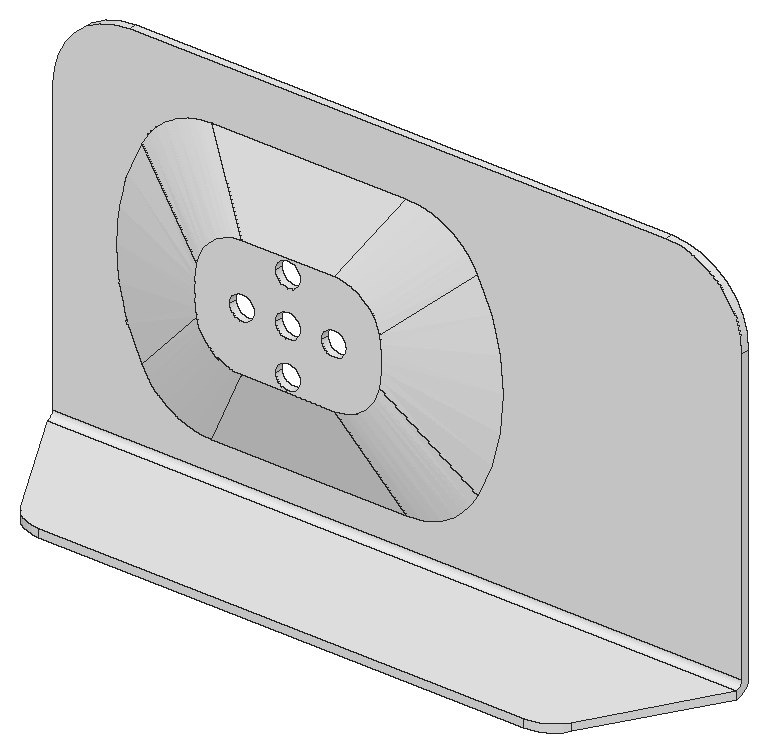
Revit family "PRD_FrankeWS_SpDshs_CHRONOSSoapAndShowerGelTray_CHRX644", category Specialty Equipment, host Face, Revit 2018
Family settings
  Host = Face
  Round Connector Dimension = Use Diameter
  Part Type = Normal
  OmniClass Number = 23.45.05.14.99
  OmniClass Title = Other Sanitary Washing Plumbing Fixtures
  Cut with Voids When Loaded = No
  Shared = No
  Room Calculation Point = No
Parameters (values of type "CHRX644")
  WarrantyStartDate [instance] = "1900-12-31T23:59:59"
  WarrantyGuarantorParts = "n/a"
  WarrantyGuarantorLabor = "n/a"
  WarrantyDurationUnit = "year"
  WarrantyDurationParts = "n/a"
  WarrantyDurationLabor = "n/a"
  WarrantyDescription = "n/a"
  Version = "1"
  Uniclass2015Version = "Products v1.23"
  Uniclass2015Title = "Soap dishes"
  Uniclass2015Code = "Pr_40_20_76_82"
  URL = "www.kwc.com"
  TypeOfMounting = "Wall mounting"
  TypeOfFixing = "Screw"
  TagNumber [instance] = "n/a"
  SustainabilityPerformance = "n/a"
  Style = "n/a"
  Status = "New"
  Size = "180 x 40 x 100 mm (W x H x D)"
  Shape = "n/a"
  SerialNumber [instance] = "n/a"
  Revision = "n/a"
  ReplacementCost = "n/a"
  Reference = "n/a"
  ProductInformation = "https://pim.kwc.com/product/2000100804/attachment/datasheet?locale=en"
  ProductCode = "201.0601.403"
  NominalWidth = 180.00 mm
  NominalLength = 0.00 mm
  NominalHeight = 40.00 mm
  NominalDepth = 100.00 mm
  NetWeight = 0.41 kg
  Name = "CHRONOS Soap and shower gel tray CHRX644"
  NBSTypeID = "n/a"
  NBSReference = "45-35-72/356"
  NBSOfficeMasterTag = "n/a"
  NBSNote = "n/a"
  NBSDescription = "Soap dishes"
  NBSCertification = "n/a"
  ModelReference = "CHRX644"
  ModelNumber = "2000100804"
  Model = ModelReference  # "CHRX644"
  MaterialThickness = "2.00 mm"
  MaterialCode = "1.4301 Chrome Nickel steel V2A"
  Material = "Stainless steel"
  ManufacturerURL = "www.kwc.com"
  ManufacturerName = "KWC Group AG"  # constant formula
  Manufacturer = ManufacturerName  # "KWC Group AG"
  MainMaterial = PRD_AR_Steel_NickelChromium_SatinFinished
  MainColor = "stainless steel"
  IntegralAccessories = "includes stainless steel screws and dowels"
  InstallationDate [instance] = "1900-12-31T23:59:59"
  IfcExportType = "USERDEFINED"
  IfcExportAs = "IfcSanitaryTerminalType"
  GrossWeight = 0.47 kg
  Grade = "n/a"
  Finish = "satin finish"
  Features = "nickel chromium steel, surface satin finish, material thickness 2.0 mm"
  ExpectedLife = "n/a"
  DurationUnit = "year"
  Description = "Soap and shower gel holder for wall mounting, nickel chromium steel, surface satin finish, material thickness 2.0 mm, deep drawn soap tray with drain holes, lateral shelf, rounded edges, includes stainless steel screws and dowels."
  Default Elevation = 1000.00 mm
  CreatedOn = "05/2022"  # constant formula
  Constituents = "n/a"
  Color = "n/a"
  CodePerformance = "n/a"
  Category = "Pr_40_20_76_82, Soap dishes"
  BarCode [instance] = "n/a"
  BIMObjectName = "PRD_AR_SoapDishes_CHRONOSSoapAndShowerGelTray_CHRX644"
  Author = "Archispace"  # constant formula
  AssetType = "Fixed"
  AssetIdentifier [instance] = "n/a"
  AccessibilityPerformance = "n/a"
Reference planes
  plane 1 "Center (Front/Back)": y = 0
  plane 2: z = 0
  plane 3 "Center (Left/Right)": x = 0
Forms (mm)
  Extrusion 1, solid, material "PRD_AR_Steel_NickelChromium_SatinFinished" <- "MainMaterial", detail levels fine
    sketch origin (0, 0, 0) x (1, 0, 0) y (0, 0, 1)
      loop
        line (-90, 3.748) -> (90, 3.748) -> (90, 79.998)
        arc (90, 79.998) -> (84.142, 94.14) -> (70, 99.998) r 20
        line (70, 99.998) -> (-70, 99.998)
        arc (-70, 99.998) -> (-84.142, 94.14) -> (-90, 79.998) r 20
        line (-90, 79.998) -> (-90, 3.748)
    from 0 to 2
  Extrusion 2, void
    sketch origin (0, 0, 0) x (1, 0, 0) y (0, 1, 0)
      loop
        line (-71.958, -35) -> (-90, -3.748) -> (-90, -40) -> (-63.298, -40)
        arc (-63.298, -40) -> (-68.298, -38.66) -> (-71.958, -35) r 10
      loop
        line (63.298, -40) -> (90, -40) -> (90, -3.748) -> (71.958, -35)
        arc (71.958, -35) -> (68.298, -38.66) -> (63.298, -40) r 10
    from 0 to 1.995
  Extrusion 3, solid, material "PRD_AR_Steel_NickelChromium_SatinFinished" <- "MainMaterial", detail levels fine
    sketch origin (0, 0, 0) x (0, 1, 0) y (0, 0, 1)
      loop
        line (0, 3.748) -> (-2, 3.748)
        arc (-2, 3.748) -> (-2.512, 2.512) -> (-3.748, 2) r 1.748
        line (-3.748, 2) -> (-40, 2) -> (-40, 0) -> (-3.748, 0)
        arc (-3.748, 0) -> (-1.098, 1.098) -> (0, 3.748) r 3.748
    from -90 to 90
  SweptBlend 4, solid, material "PRD_AR_Steel_NickelChromium_SatinFinished" <- "MainMaterial", detail levels fine
    path origin (-38.25, -4572, 49.998) x (-1, 0, 0) y (0, -1, 0)
      loop
        line (-15.25, -4563.052) -> (-15.25, -4572)
    profile origin (-23, -8.948, 49.998) x (-1, 0, 0) y (0, 0, 1)
      loop
        arc (23.887, 6.255) -> (19.684, 13.023) -> (12.17, 15.667) r 12
        line (12.17, 15.667) -> (-12.167, 15.667)
        arc (-12.167, 15.667) -> (-19.677, 13.026) -> (-23.882, 6.267) r 12
        arc (-23.882, 6.267) -> (-24.575, 0) -> (-23.907, -6.269) r 29.186
        arc (-23.907, -6.269) -> (-19.71, -13.06) -> (-12.182, -15.715) r 12
        line (-12.182, -15.715) -> (12.184, -15.715)
        arc (12.184, -15.715) -> (19.717, -13.056) -> (23.911, -6.257) r 12
        arc (23.911, -6.257) -> (24.576, 0) -> (23.887, 6.255) r 29.266
    end profile origin (-23, 0, 49.998) x (-1, 0, 0) y (0, 0, 1)
      loop
        arc (49.583, 29.548) -> (40.986, 38.111) -> (29.263, 41.244) r 23.5
        line (29.263, 41.244) -> (-29.25, 41.244)
        arc (-29.25, 41.244) -> (-40.961, 38.118) -> (-49.556, 29.572) r 23.5
        arc (-49.556, 29.572) -> (-58.075, -1.919) -> (-49.616, -33.427) r 62.686
        arc (-49.616, -33.427) -> (-41.018, -42.001) -> (-29.288, -45.138) r 23.5
        line (-29.288, -45.138) -> (29.3, -45.138)
        arc (29.3, -45.138) -> (41.043, -41.994) -> (49.643, -33.403) r 23.5
        arc (49.643, -33.403) -> (58.076, -1.919) -> (49.583, 29.548) r 62.766
  SweptBlend 5, void
    path origin (-38.25, -4572, 49.998) x (-1, 0, 0) y (0, -1, 0)
      loop
        line (-15.25, -4565) -> (-15.25, -4572)
    profile origin (-23, -7, 49.998) x (-1, 0, 0) y (0, 0, 1)
      loop
        arc (21.934, 5.827) -> (18.432, 11.467) -> (12.17, 13.671) r 10
        line (12.17, 13.671) -> (-12.167, 13.671)
        arc (-12.167, 13.671) -> (-18.426, 11.47) -> (-21.93, 5.837) r 10
        arc (-21.93, 5.837) -> (-22.575, 0) -> (-21.952, -5.84) r 27.186
        arc (-21.952, -5.84) -> (-18.455, -11.498) -> (-12.182, -13.711) r 10
        line (-12.182, -13.711) -> (12.184, -13.711)
        arc (12.184, -13.711) -> (18.461, -11.495) -> (21.957, -5.83) r 10
        arc (21.957, -5.83) -> (22.576, 0) -> (21.934, 5.827) r 27.266
    end profile origin (-23, 0, 49.998) x (-1, 0, 0) y (0, 0, 1)
      loop
        arc (47.421, 28.292) -> (39.739, 35.944) -> (29.263, 38.744) r 21
        line (29.263, 38.744) -> (-29.25, 38.744)
        arc (-29.25, 38.744) -> (-39.715, 35.951) -> (-47.396, 28.314) r 21
        arc (-47.396, 28.314) -> (-55.575, -1.922) -> (-47.454, -32.173) r 60.186
        arc (-47.454, -32.173) -> (-39.77, -39.834) -> (-29.288, -42.638) r 21
        line (-29.288, -42.638) -> (29.3, -42.638)
        arc (29.3, -42.638) -> (39.794, -39.828) -> (47.479, -32.151) r 21
        arc (47.479, -32.151) -> (55.576, -1.922) -> (47.421, 28.292) r 60.266
  Extrusion 6, void
    sketch origin (0, 0, 0) x (1, 0, 0) y (0, 0, 1)
      loop
        circle (-23, 49.998) r 3.25
      loop
        circle (-11, 49.998) r 3.25
      loop
        circle (-35, 49.998) r 3.25
      loop
        circle (-23, 37.998) r 3.25
      loop
        circle (-23, 61.998) r 3.25
    from 4.981 to 11.004
  Extrusion 7, solid, material "PRD_AR_Steel_NickelChromium_SatinFinished", detail levels medium
    sketch origin (0, 0, 0) x (0, 1, 0) y (0, 0, 1)
      loop
        line (0, 99.998) -> (-2, 99.998) -> (-2, 2) -> (-40, 2) -> (-40, 0) -> (0, 0) -> (0, 99.998)
    from -90 to 90
  Extrusion 8, solid, material "PRD_AR_Steel_NickelChromium_SatinFinished" <- "MainMaterial", detail levels coarse
    sketch origin (-38.25, -4572, 49.998) x (-1, 0, 0) y (0, -1, 0)
      loop
        line (-128.25, -4532) -> (-128.25, -4572) -> (51.75, -4572) -> (51.75, -4532) -> (-128.25, -4532)
    from -49.998 to 50
Cuts and joins
  SweptBlend 5 cuts Extrusion 1
  Extrusion 2 cuts Extrusion 3
  SweptBlend 5, Extrusion 6 cuts SweptBlend 4
  joined: Extrusion 1, Extrusion 3, SweptBlend 4
Dimensions and locks
  aligned and locked: plane 2 to host face
  aligned and locked: level to host face
Automatic sketch dimensions
  host sketch curve to host sketch curve = 318.943 mm
  host sketch curve to host sketch curve = 152.752 mm
  level to Extrusion 1 sketch curve = 3.748 mm
  Extrusion 1 sketch curve to plane 3 "Center (Left/Right)" = 90.00 mm
  Extrusion 1 sketch curve to Extrusion 1 sketch curve = 20.00 mm  (x2)
  plane 3 "Center (Left/Right)" to Extrusion 1 sketch curve = 70.00 mm
  plane 1 "Center (Front/Back)" to Extrusion 2 sketch curve = 3.748 mm  (x2)
  Extrusion 2 sketch curve to plane 3 "Center (Left/Right)" = 90.00 mm
  plane 1 "Center (Front/Back)" to Extrusion 2 sketch curve = 35.00 mm  (x2)
  Extrusion 2 sketch curve to Extrusion 2 sketch curve = 18.042 mm  (x2)
  Extrusion 2 sketch curve to Extrusion 2 sketch curve = 8.66 mm  (x2)
  plane 3 "Center (Left/Right)" to Extrusion 2 sketch curve = 63.298 mm
  Extrusion 2 sketch curve to Extrusion 2 sketch curve = 5.00 mm
  Extrusion 3 sketch curve to Extrusion 3 sketch curve = 0.00 mm  (x2)
  Extrusion 3 sketch curve to level = 0.00 mm
  Extrusion 3 sketch curve to plane 1 "Center (Front/Back)" = 0.00 mm
  Extrusion 3 sketch curve to Extrusion 3 sketch curve = 2.00 mm
  Extrusion 3 sketch curve to Extrusion 3 sketch curve = 1.748 mm
  Extrusion 3 sketch curve to Extrusion 3 sketch curve = 36.252 mm
  plane 1 "Center (Front/Back)" to SweptBlend 4 sketch curve = 0.00 mm
  SweptBlend 4 sketch curve to plane 3 "Center (Left/Right)" = 23.00 mm
  SweptBlend 4 sketch curve to SweptBlend 4 sketch curve = 8.948 mm
  profile plane to SweptBlend 4 sketch curve = 12.182 mm
  SweptBlend 4 sketch curve to SweptBlend 4 sketch curve = 0.014 mm
  profile plane to SweptBlend 4 sketch curve = 4.69 mm  (x2)
  SweptBlend 4 sketch curve to profile plane = 4.61 mm  (x2)
  SweptBlend 4 sketch curve to profile plane = 12.17 mm
  SweptBlend 4 sketch curve to profile plane = 12.184 mm
  SweptBlend 4 sketch curve to SweptBlend 4 sketch curve = 12.00 mm  (x2)
  SweptBlend 4 sketch curve to SweptBlend 4 sketch curve = 0.00 mm  (x4)
  profile plane to SweptBlend 4 sketch curve = 29.288 mm
  profile plane to SweptBlend 4 sketch curve = 29.25 mm
  SweptBlend 4 sketch curve to profile plane = 29.263 mm
  SweptBlend 4 sketch curve to profile plane = 29.30 mm
  SweptBlend 4 sketch curve to SweptBlend 4 sketch curve = 23.50 mm
  profile plane to SweptBlend 5 sketch curve = 29.288 mm
  profile plane to SweptBlend 5 sketch curve = 29.25 mm
  profile plane to SweptBlend 5 sketch curve = 4.69 mm  (x2)
  SweptBlend 5 sketch curve to profile plane = 4.61 mm  (x2)
  SweptBlend 5 sketch curve to profile plane = 29.263 mm
  SweptBlend 5 sketch curve to profile plane = 29.30 mm
  SweptBlend 5 sketch curve to SweptBlend 5 sketch curve = 21.00 mm  (x3)
  SweptBlend 5 sketch curve to SweptBlend 5 sketch curve = 0.00 mm  (x4)
  plane 1 "Center (Front/Back)" to SweptBlend 5 sketch curve = 0.00 mm
  SweptBlend 5 sketch curve to plane 3 "Center (Left/Right)" = 23.00 mm
  SweptBlend 5 sketch curve to SweptBlend 5 sketch curve = 7.00 mm
  Extrusion 6 sketch curve to plane 3 "Center (Left/Right)" = 35.00 mm
  Extrusion 6 sketch curve to Extrusion 6 sketch curve = 12.00 mm  (x6)
  Extrusion 6 sketch curve to Extrusion 6 sketch curve = 0.00 mm
  Extrusion 6 sketch curve to plane 3 "Center (Left/Right)" = 11.00 mm
  profile plane to SweptBlend 5 sketch curve = 12.182 mm
  profile plane to SweptBlend 5 sketch curve = 12.167 mm
  SweptBlend 5 sketch curve to SweptBlend 5 sketch curve = 7.559 mm
  SweptBlend 5 sketch curve to profile plane = 12.184 mm
  SweptBlend 5 sketch curve to SweptBlend 5 sketch curve = 10.00 mm  (x2)
  Extrusion 7 sketch curve to level = 0.00 mm
  Extrusion 7 sketch curve to plane 1 "Center (Front/Back)" = 0.00 mm
  plane 1 "Center (Front/Back)" to Extrusion 7 sketch curve = 40.00 mm
  Extrusion 7 sketch curve to Extrusion 7 sketch curve = 2.00 mm
  plane 1 "Center (Front/Back)" to Extrusion 7 sketch curve = 2.00 mm
  plane 1 "Center (Front/Back)" to Extrusion 8 sketch curve = 0.00 mm
  plane 3 "Center (Left/Right)" to Extrusion 8 sketch curve = 90.00 mm
  Extrusion 8 sketch curve to plane 3 "Center (Left/Right)" = 90.00 mm
  Extrusion 8 sketch curve to Extrusion 8 sketch curve = 40.00 mm
  Extrusion 1 sketch curve to Extrusion 1 sketch curve = 76.25 mm
  SweptBlend 4 sketch curve to profile plane = 15.715 mm
  SweptBlend 4 sketch curve to profile plane = 3.715 mm
  SweptBlend 4 sketch curve to profile plane = 0.056 mm  (x2)
  profile plane to SweptBlend 4 sketch curve = 3.667 mm  (x2)
  SweptBlend 4 sketch curve to profile plane = 45.138 mm
  SweptBlend 4 sketch curve to profile plane = 21.638 mm  (x2)
  SweptBlend 4 sketch curve to profile plane = 1.979 mm  (x2)
  profile plane to SweptBlend 4 sketch curve = 17.744 mm  (x2)
  SweptBlend 5 sketch curve to profile plane = 13.711 mm
  SweptBlend 5 sketch curve to profile plane = 3.711 mm
  SweptBlend 5 sketch curve to profile plane = 0.052 mm  (x2)
  profile plane to SweptBlend 5 sketch curve = 3.671 mm  (x2)
  SweptBlend 5 sketch curve to profile plane = 42.638 mm
  SweptBlend 5 sketch curve to profile plane = 1.979 mm  (x2)
  profile plane to SweptBlend 5 sketch curve = 17.744 mm  (x2)
  level to Extrusion 6 sketch curve = 37.998 mm
  Extrusion 7 sketch curve to Extrusion 7 sketch curve = 97.998 mm
  radius of Extrusion 6 sketch curve = 3.25 mm  (x5)
